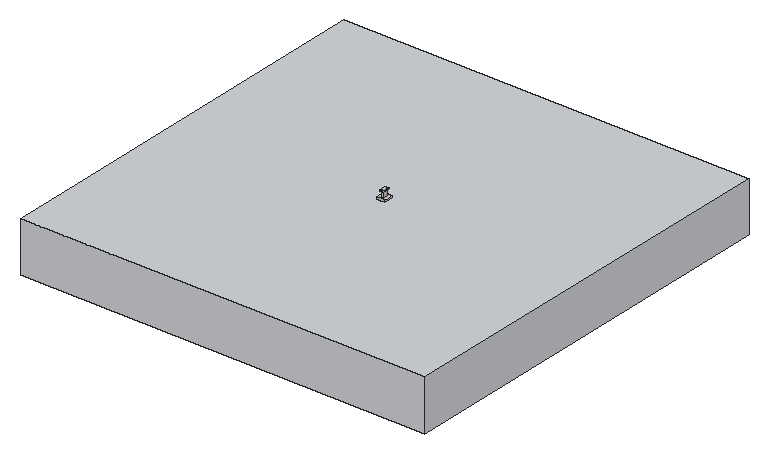
Revit family
Parameters (values of type "9115 BradEX")
  Width = 0"
  Warranty Information = "Refer to Washroom Accessories Warranty"
  Version = "1.0"
  URL = "http://www.bradleycorp.com/"
  Technical Data = "n/a"
  Percentage of Recycled Content = 0
  OmniClass Title = "Robe Hooks"
  OmniClass Code = "23-31 25 27"
  Modeling Code = "n/a"
  Model = "9115 BradEX"
  Material Note = "n/a"
  Material = ""
  MasterFormat Title = "Commercial Toilet Accessories"
  MasterFormat Number = "10 28 13.13"
  Manufacturer = "Bradley Corporation"
  Low Emitting Material = no
  Length = 0"
  LEED Credit = "n/a"
  Keynote = ""
  Installation Type = "Surface Mounted"
  Industry Standards = ""
  Height = Default Elevation  # 48"
  Fire Rating = ""
  Description = "Robe Hook - Single | Projects 2\""
  Default Elevation = 48"
  Copyright = "This Model Is Property Of Bradley Corporation"
  Complies to NAFTA = "n/a"
  Buy American Act = "To Be Determined"
  Assembly Code = "C1030200"
  Accessory Material = Metal - Bradley Corp - Stainless Steel-Polished
  ADA Compliant = "No"
Types (3): name | Model | Accessory Material
  (no name) | "9115 BradEX" | Metal - Bradley Corp - Stainless Steel-Polished
  9114 BradEX | "9114 BradEX" | Metal - Bradley Corp - Stainless Steel-Satin
  9115 BradEX | "9115 BradEX" | Metal - Bradley Corp - Stainless Steel-Polished
Reference planes (in)
  plane 1 "Center (Front/Back)": y = 0
  plane 2: z = 0
  plane 3 "Center (Left/Right)": x = 0
  plane 4 "T.O. Corner": z = 0.39844
  plane 5: z = 0.5
  plane 6 "F.O Projection": z = 2
  plane 7: y = 0.79297
  plane 8: y = -0.79297
  plane 9: x = -0.41797
  plane 10: x = 0.41797
Forms (in)
  Extrusion 1, solid
    sketch origin (0, 0, 0) x (1, 0, 0) y (0, 1, 0)
      loop
        line (-48, 48) -> (-48, -48) -> (48, -48) -> (48, 48) -> (-48, 48)
    from 0 to -12
  Extrusion 2, solid, material "Metal - Bradley Corp - Stainless Steel-Polished" <- "Accessory Material", detail levels medium+fine
    sketch origin (0, 0, 0.39844) x (-1, 0, 0) y (0, -1, 0)
      loop
        line (0.25, 0.5) -> (-0.25, 0.5) -> (-0.25, -0.5) -> (0.25, -0.5) -> (0.25, 0.5)
    from 0 to 1.60156
  Extrusion 3, solid, material "Metal - Bradley Corp - Stainless Steel-Polished" <- "Accessory Material", detail levels medium+fine
    sketch origin (0, 0, 2) x (0, -1, 0) y (1, 0, 0)
      loop
        arc (-0.79297, -0.29297) -> (-0.75636, -0.38136) -> (-0.66797, -0.41797) r 0.125
        line (-0.66797, -0.41797) -> (0.66797, -0.41797)
        arc (0.66797, -0.41797) -> (0.75636, -0.38136) -> (0.79297, -0.29297) r 0.125
        line (0.79297, -0.29297) -> (0.79297, 0.29297)
        arc (0.79297, 0.29297) -> (0.75636, 0.38136) -> (0.66797, 0.41797) r 0.125
        line (0.66797, 0.41797) -> (-0.66797, 0.41797)
        arc (-0.66797, 0.41797) -> (-0.75636, 0.38136) -> (-0.79297, 0.29297) r 0.125
        line (-0.79297, 0.29297) -> (-0.79297, -0.29297)
    from 0 to -0.07
Cuts and joins
  joined: Extrusion 2, Extrusion 3
Lines and regions (in)
  model lines, detail levels coarse
    curve 1: line (0, 0, 2) -> (0, 0, -0.00065)
    curve 2: line (0, -0.79297, 2) -> (0, 0.79297, 2)
Dimensions and locks (in)
  Extrusion 2 sketch curve to Extrusion 2 sketch curve = 1"
  equal spacing: Extrusion 2 sketch curve, nested 1, Extrusion 2 sketch curve  (x2)
  Extrusion 2 sketch curve to Extrusion 2 sketch curve = 1/2"
  plane 6 "F.O Projection" to level = 2"
  aligned and locked: plane 2 to Extrusion 1
  aligned and locked: level to Extrusion 1
  aligned and locked: plane 3 "Center (Left/Right)" to nested 1
  aligned and locked: plane 1 "Center (Front/Back)" to nested 1
  aligned and locked: Extrusion 2 to plane 6 "F.O Projection"
Nested families (in)
  nested 1: "wall_cover_plate_attachment" at (0, 0, 0), type "wall_cover_plate_attachment"
Definition of nested family "wall_cover_plate_attachment"
  Parameters
    Accessory Material = none
  Reference planes (in)
    plane 1 "Center (Front/Back)": y = 0
    plane 2: z = 0
    plane 3 "Center (Left/Right)": x = 0
    plane 4: x = -1
    plane 5: x = 1
    plane 6: y = 1
    plane 7: y = -1
  Forms (in)
    Extrusion 1, solid, material <- "Accessory Material", detail levels medium+fine
      sketch origin (-8.75, 0, 0) x (-1, 0, 0) y (0, -1, 0)
        loop
          arc (-7.80078, -0.94922) -> (-7.75, 0) -> (-7.80078, 0.94922) r 8.89694
          arc (-7.80078, 0.94922) -> (-8.75, 1) -> (-9.69922, 0.94922) r 8.89694
          arc (-9.69922, 0.94922) -> (-9.75, 0) -> (-9.69922, -0.94922) r 8.89694
          arc (-9.69922, -0.94922) -> (-8.75, -1) -> (-7.80078, -0.94922) r 8.89694
      from 0 to 0.5
    Extrusion 2, void
      sketch origin (-8.75, 0, 0) x (1, 0, 0) y (0, 0, 1)
        loop
          arc (7.75, 0.39844) -> (8.75, 0.5) -> (9.75, 0.39844) r 4.97386
          line (9.75, 0.39844) -> (9.75, 0.53125) -> (8.85864, 0.53125) -> (7.75, 0.53125) -> (7.75, 0.39844)
      from -1.10156 to 1.10156
  Cuts and joins
    Extrusion 2 cuts Extrusion 1
  Lines and regions (in)
    symbolic lines, detail levels coarse
      curve 1: line (-0.94922, 1, 4.875) -> (0.94922, 1, 4.875)
      curve 2: line (-0.94922, -1, 4.875) -> (-0.94922, 1, 4.875)
      curve 3: line (0.94922, -1, 4.875) -> (-0.94922, -1, 4.875)
      curve 4: line (0.94922, 1, 4.875) -> (0.94922, -1, 4.875)
    model lines, detail levels coarse
      curve 5: spline (0.94922, -0.94922, 0) -> (0.95732, -0.87039, 0) -> (0.96472, -0.79149, 0) -> (0.97142, -0.71253, 0) -> (0.97742, -0.63351, 0) -> (0.98271, -0.55443, 0) -> (0.98729, -0.47531, 0) -> (0.99118, -0.39616, 0) -> (0.99435, -0.31696, 0) -> (0.99682, -0.23775, 0) -> (0.99859, -0.15851, 0) -> (0.99965, -0.07926, 0) -> (1, 0, 0)
      curve 6: spline (1, 0, 0) -> (0.99965, 0.07926, 0) -> (0.99859, 0.15851, 0) -> (0.99682, 0.23775, 0) -> (0.99435, 0.31696, 0) -> (0.99117, 0.39616, 0) -> (0.98729, 0.47531, 0) -> (0.98271, 0.55443, 0) -> (0.97742, 0.63351, 0) -> (0.97142, 0.71253, 0) -> (0.96472, 0.79149, 0) -> (0.95732, 0.87039, 0) -> (0.94922, 0.94922, 0)
      curve 7: spline (0.94922, 0.94922, 0) -> (0.83831, 0.96051, 0) -> (0.72684, 0.97039, 0) -> (0.61487, 0.97886, 0) -> (0.5025, 0.98591, 0) -> (0.38979, 0.99154, 0) -> (0.27681, 0.99574, 0) -> (0.16365, 0.99852, 0) -> (0.05037, 0.99986, 0) -> (-0.06293, 0.99977, 0) -> (-0.1762, 0.99826, 0) -> (-0.28935, 0.99531, 0) -> (-0.40231, 0.99093, 0)
      curve 8: spline (-0.4023, 0.99077, 0) -> (-0.44825, 0.98858, 0) -> (-0.49414, 0.98616, 0) -> (-0.53998, 0.98351, 0) -> (-0.58576, 0.98062, 0) -> (-0.63148, 0.9775, 0) -> (-0.67712, 0.97415, 0) -> (-0.72269, 0.97057, 0) -> (-0.76818, 0.96676, 0) -> (-0.81358, 0.96272, 0) -> (-0.85889, 0.95845, 0) -> (-0.9041, 0.95395, 0) -> (-0.94922, 0.94922, 0)
      curve 9: spline (-0.94922, 0.94922, 0) -> (-0.95732, 0.87039, 0) -> (-0.96472, 0.79149, 0) -> (-0.97142, 0.71253, 0) -> (-0.97742, 0.63351, 0) -> (-0.98271, 0.55443, 0) -> (-0.98729, 0.47531, 0) -> (-0.99118, 0.39616, 0) -> (-0.99435, 0.31696, 0) -> (-0.99682, 0.23775, 0) -> (-0.99859, 0.15851, 0) -> (-0.99965, 0.07926, 0) -> (-1, 0, 0)
      curve 10: spline (-1, 0, 0) -> (-0.99965, -0.07926, 0) -> (-0.99859, -0.15851, 0) -> (-0.99682, -0.23775, 0) -> (-0.99435, -0.31696, 0) -> (-0.99117, -0.39616, 0) -> (-0.98729, -0.47531, 0) -> (-0.98271, -0.55443, 0) -> (-0.97742, -0.63351, 0) -> (-0.97142, -0.71253, 0) -> (-0.96472, -0.79149, 0) -> (-0.95732, -0.87039, 0) -> (-0.94922, -0.94922, 0)
      curve 11: spline (-0.94922, -0.94922, 0) -> (-0.83831, -0.96051, 0) -> (-0.72684, -0.97039, 0) -> (-0.61487, -0.97886, 0) -> (-0.5025, -0.98591, 0) -> (-0.38979, -0.99154, 0) -> (-0.27681, -0.99574, 0) -> (-0.16365, -0.99852, 0) -> (-0.05037, -0.99986, 0) -> (0.06293, -0.99977, 0) -> (0.1762, -0.99826, 0) -> (0.28935, -0.99531, 0) -> (0.40231, -0.99093, 0)
      curve 12: spline (0.4023, -0.99077, 0) -> (0.44825, -0.98858, 0) -> (0.49414, -0.98616, 0) -> (0.53998, -0.98351, 0) -> (0.58576, -0.98062, 0) -> (0.63148, -0.9775, 0) -> (0.67712, -0.97415, 0) -> (0.72269, -0.97057, 0) -> (0.76818, -0.96676, 0) -> (0.81358, -0.96272, 0) -> (0.85889, -0.95845, 0) -> (0.9041, -0.95395, 0) -> (0.94922, -0.94922, 0)
